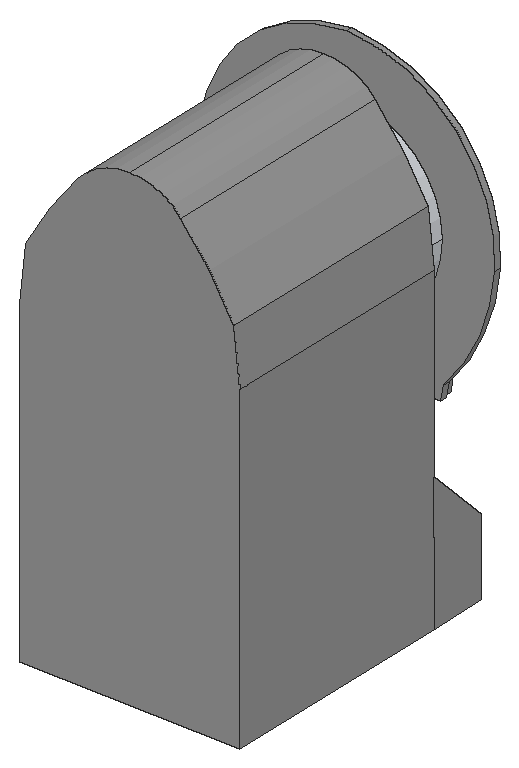
Revit family "Bariatric_Toilet-Willoughby-BETWS-1490-FM-FA-TS", category Plumbing Fixtures, Revit 2015
Parameters (values of type "Standard")
  Waste DIA = 2 3/8"
  Waste Connection = yes
  Vent Connection = no
  URL = "https://www.willoughby-ind.com/wp-content/uploads/2018/01/BETWS-1490-FM-FA.pdf"
  Type Comments = ""
  Revision = "A"
  Model = "BETWS-1490-FM-FA-TS"
  Manufacturer = "Willoughby Industries"
  HW Connection = no
  Flush Inlet DIA = 1 1/2"
  Flush Inlet Connection = yes
  Fixture Body = Stainless Steel AISI 304-Willoughby
  Description = "Front Access, Wall Outlet, Siphon Jet Bariatric Toilet, Top Spud"
  Default Elevation = 0' - 0"
  Contact = "(800) 428-4065"
  CW Connection = no
Reference planes (in)
  plane 1 "Center (Front/Back)Floor": y = 0
  plane 2: z = 0
  plane 3 "Center (Left/Right)": x = 0
  plane 4 "Toilet Base HGT": y = 15.75
  plane 5 "Top Of Unit": y = 19.625
  plane 6: x = 7.125
  plane 7: x = -7.125
  plane 8: z = 20.875
  plane 9: z = 31
  plane 10: z = 31.5
  plane 11: z = 24.75
  plane 12: z = 29.375
  plane 13: x = 2
  plane 14: x = -2
  plane 15: z = 9
  plane 16: z = 5
  plane 17: z = 21.5
  plane 18: z = 27.6875
  plane 19: z = 13.125
  plane 20: x = 9.625
  plane 21: x = -9.625
  plane 22 "Waste HGT": y = 6.25
Forms (in)
  Extrusion 1, solid, material "Stainless Steel AISI 304-Willoughby" <- "Fixture Body"
    sketch origin (0, 0, 0) x (1, 0, 0) y (0, 0, 1)
      loop
        line (7.125, 0) -> (7.125, 20.875)
        arc (7.125, 20.875) -> (7.03428, 22.67805) -> (6.76304, 24.46289) r 17.96324
        arc (6.76304, 24.46289) -> (5.19007, 27.08) -> (3.33041, 29.50181) r 26.87644
        arc (3.33041, 29.50181) -> (1.83129, 30.62012) -> (0, 31) r 4.32008
        arc (0, 31) -> (-1.83129, 30.62012) -> (-3.33041, 29.50181) r 4.32008
        arc (-3.33041, 29.50181) -> (-5.19007, 27.08) -> (-6.76304, 24.46289) r 26.87644
        arc (-6.76304, 24.46289) -> (-7.03428, 22.67805) -> (-7.125, 20.875) r 17.96324
        line (-7.125, 20.875) -> (-7.125, 0) -> (7.125, 0)
    from 0 to -15.75
  Extrusion 2, solid, material "Stainless Steel AISI 304-Willoughby" <- "Fixture Body"
    sketch origin (0, 0, 0) x (0, 1, 0) y (0, 0, 1)
      loop
        line (15.75, 8.875) -> (15.75, 0) -> (19.625, 0) -> (19.625, 5) -> (15.75, 8.875)
    from -7.125 to 7.125
  Extrusion 3, solid
    sketch origin (0, 15.75, 0) x (-1, 0, 0) y (0, 0, 1)
      loop
        circle (0, 21.5) r 6.1875
    from 0 to 1.875
  Extrusion 4, solid, material "Stainless Steel AISI 304-Willoughby" <- "Fixture Body"
    sketch origin (0, 15.75, 0) x (-1, 0, 0) y (0, 0, 1)
      loop
        line (-4.75, 12.125) -> (-4.75, 12.625) -> (4.75, 12.625) -> (4.75, 12.125) -> (6.125, 12.125) -> (6.30133, 13.125)
        arc (6.30133, 13.125) -> (8.61843, 16.71898) -> (9.625, 20.875) r 12.82342
        arc (9.625, 20.875) -> (7.07791, 28.23969) -> (0, 31.5) r 9.93325
        arc (0, 31.5) -> (-7.07791, 28.23969) -> (-9.625, 20.875) r 9.93325
        arc (-9.625, 20.875) -> (-8.61843, 16.71898) -> (-6.30133, 13.125) r 12.82342
        line (-6.30133, 13.125) -> (-6.125, 12.125) -> (-4.75, 12.125)
    from 1.875 to 2.25
  Blend 5, solid, material "Stainless Steel AISI 304-Willoughby" <- "Fixture Body"
    base sketch origin (0, 15.75, 0) x (-1, 0, 0) y (0, 0, 1)
      loop
        line (-4.60785, 12.15929) -> (-4.60785, 12.40929) -> (4.64215, 12.40929) -> (4.64215, 12.15929) -> (5.98395, 12.15929) -> (6.22068, 14.59691)
        arc (6.22068, 14.59691) -> (8.11105, 18.09183) -> (8.6336, 22.03074) r 10.97859
        arc (8.6336, 22.03074) -> (5.98369, 28.04088) -> (0, 30.75) r 9.19603
        arc (0, 30.75) -> (-5.98369, 28.04088) -> (-8.6336, 22.03074) r 9.19603
        arc (-8.6336, 22.03074) -> (-8.11105, 18.09183) -> (-6.22068, 14.59691) r 10.97859
        line (-6.22068, 14.59691) -> (-5.98395, 12.15929) -> (-4.60785, 12.15929)
    top sketch origin (0, 15.75, 0) x (-1, 0, 0) y (0, 0, 1)
      loop
        arc (6.22944, 13.99176) -> (8.35674, 17.14799) -> (9.12911, 20.875) r 9.85348
        arc (9.12911, 20.875) -> (6.86364, 28.01045) -> (0, 31) r 9.05259
        arc (0, 31) -> (-6.86364, 28.01045) -> (-9.12911, 20.875) r 9.05259
        arc (-9.12911, 20.875) -> (-8.34629, 17.12327) -> (-6.19132, 13.954) r 9.85348
        line (-6.19132, 13.954) -> (-6.01467, 12.135) -> (-4.5826, 12.135) -> (-4.5826, 12.385) -> (4.63006, 12.385) -> (4.63006, 12.125) -> (5.99156, 12.125) -> (6.22944, 13.99176)
    from 2.875 to 2.25
  Revolve 6, solid
    sketch origin (0, 6.25, 0) x (0, 0, -1) y (-1, 0, 0)
      loop
        line (0, 0) -> (0, 1.1875) -> (-2.25, 1.1875) -> (-2.25, 0) -> (0, 0)
      axis (-2.25, 0) -> (0, 0)
    angle from 0 to 360
  Extrusion 7, solid, material "Stainless Steel AISI 304-Willoughby" <- "Fixture Body"
    sketch origin (0, 19.625, 0) x (-1, 0, 0) y (0, 0, 1)
      loop
        circle (0, 2.5) r 0.75
    from 0 to 1.125
Lines and regions (in)
  symbolic lines
    curve 1: line (0, 15.75, 8.875) -> (0, 15.75, 31)
    curve 2: line (0, 15.75, 31) -> (0, 0, 31)
    curve 3: line (0, 0, 31) -> (0, 0, 0)
    curve 4: line (0, 0, 0) -> (0, 15.75, 0)
    curve 11: line (0, 18, 12.125) -> (0, 17.625, 12.125)
    curve 16: line (0, 15.75, 8.875) -> (0, 19.625, 5)
    curve 17: line (0, 19.625, 5) -> (0, 19.625, 0)
    curve 18: line (0, 19.625, 0) -> (0, 15.75, 0)
    curve 22: line (7.125, 19.625, -0.25) -> (7.125, 19.625, 14.12365)
    curve 23: arc (7.125, 19.625, 14.12365) -> (8.85852, 19.625, 17.32028) -> (9.625, 19.625, 20.875) r 12.82342
    curve 24: arc (9.625, 19.625, 20.875) -> (9.10381, 19.625, 24.81755) -> (7.07791, 19.625, 28.23969) r 9.93325
    curve 25: arc (7.07791, 19.625, 28.23969) -> (3.87202, 19.625, 30.5929) -> (0, 19.625, 31.5) r 9.93325
    curve 26: arc (0, 19.625, 31.5) -> (-3.87202, 19.625, 30.5929) -> (-7.07791, 19.625, 28.23969) r 9.93325
    curve 27: arc (-7.07791, 19.625, 28.23969) -> (-9.10381, 19.625, 24.81755) -> (-9.625, 19.625, 20.875) r 9.93325
    curve 28: arc (-9.625, 19.625, 20.875) -> (-8.85852, 19.625, 17.32028) -> (-7.125, 19.625, 14.12365) r 12.82342
    curve 29: line (-7.125, 19.625, 14.12365) -> (-7.125, 19.625, 0)
    curve 30: line (-7.125, 19.625, 0) -> (7.125, 19.625, 0)
    curve 57: line (7.125, 19.625, 0) -> (-7.125, 19.625, 0)
    curve 58: line (-7.125, 19.625, 0) -> (-7.125, 0, 0)
    curve 59: line (-7.125, 0, 0) -> (7.125, 0, 0)
    curve 60: line (7.125, 0, 0) -> (7.125, 19.625, 0)
    curve 61: line (-6.76304, 15.75, 0) -> (-6.76304, 0, 0)
    curve 62: line (-7.125, 15.75, 0) -> (7.125, 15.75, 0)
    curve 63: line (6.1875, 17.625, 0) -> (6.1875, 15.75, 0)
    curve 64: line (-6.17726, 15.75, 0) -> (-6.17726, 17.625, 0)
    curve 65: line (-6.17726, 17.625, 0) -> (6.1875, 17.625, 0)
    curve 75: line (6.76304, 15.75, 0) -> (6.76304, 0, 0)
  symbolic lines, detail levels medium+fine
    curve 5: line (0, 15.75, 15.375) -> (0, 17.625, 15.375)
    curve 6: line (0, 17.625, 15.375) -> (0, 17.625, 27.6875)
    curve 7: line (0, 17.625, 27.6875) -> (0, 15.75, 27.6875)
    curve 8: line (0, 17.625, 27.6875) -> (0, 17.625, 31.5)
    curve 9: line (0, 17.625, 31.5) -> (0, 18, 31.5)
    curve 10: line (0, 18, 31.5) -> (0, 18, 12.125)
    curve 12: line (0, 17.625, 12.125) -> (0, 17.625, 15.375)
    curve 13: line (0, 18, 12.125) -> (0, 18.625, 12.15929)
    curve 14: line (0, 18.625, 12.15929) -> (0, 18.625, 30.75)
    curve 15: line (0, 18.625, 30.75) -> (0, 18, 31)
    curve 31: line (-7.125, 19.625, 5) -> (7.125, 19.625, 5)
    curve 32: line (-7.125, 19.625, 8.875) -> (7.125, 19.625, 8.875)
    curve 33: line (-7.125, 19.625, 14.12365) -> (-6.30133, 19.625, 13.125)
    curve 34: line (-6.30133, 19.625, 13.125) -> (-6.125, 19.625, 12.125)
    curve 35: line (-6.125, 19.625, 12.125) -> (-4.75, 19.625, 12.125)
    curve 36: line (-4.75, 19.625, 12.125) -> (-4.75, 19.625, 12.625)
    curve 37: line (-4.75, 19.625, 12.625) -> (4.75, 19.625, 12.625)
    curve 38: line (4.75, 19.625, 12.625) -> (4.75, 19.625, 12.125)
    curve 39: line (4.75, 19.625, 12.125) -> (6.125, 19.625, 12.125)
    curve 40: line (6.125, 19.625, 12.125) -> (6.30133, 19.625, 13.125)
    curve 41: arc (6.30133, 19.625, 13.125) -> (6.72577, 19.625, 13.61393) -> (7.125, 19.625, 14.12365) r 12.82342
    curve 53: line (0, 17.625, 12.125) -> (0, 18, 12.125)
    curve 66: line (-6.17726, 17.625, 0) -> (-9.6494, 17.625, 0)
    curve 67: line (-9.6494, 17.625, 0) -> (-9.6494, 18, 0)
    curve 68: line (-9.6494, 18, 0) -> (-9.12911, 18, 0)
    curve 69: line (-9.12911, 18, 0) -> (-8.6336, 18.625, 0)
    curve 70: line (-8.6336, 18.625, 0) -> (8.64736, 18.625, 0)
    curve 71: line (8.64736, 18.625, 0) -> (9.14287, 18, 0)
    curve 72: line (9.14287, 18, 0) -> (9.6494, 18, 0)
    curve 73: line (9.6494, 18, 0) -> (9.6494, 17.625, 0)
    curve 74: line (6.1875, 17.625, 0) -> (9.6494, 17.625, 0)
  symbolic lines, detail levels fine
    curve 19: line (0, 19.625, 1.75) -> (0, 20.75, 1.75)
    curve 20: line (0, 20.75, 1.75) -> (0, 20.75, 3.25)
    curve 21: line (0, 20.75, 3.25) -> (0, 19.625, 3.25)
    curve 42: line (-6.22068, 19.625, 14.59691) -> (-5.98395, 19.625, 12.15929)
    curve 43: line (-5.98395, 19.625, 12.15929) -> (-4.64215, 19.625, 12.15929)
    curve 44: line (-4.64215, 19.625, 12.15929) -> (-4.64215, 19.625, 12.385)
    curve 45: line (-4.64215, 19.625, 12.385) -> (4.60785, 19.625, 12.385)
    curve 46: line (4.60785, 19.625, 12.385) -> (4.60785, 19.625, 12.15929)
    curve 47: line (4.60785, 19.625, 12.15929) -> (5.98395, 19.625, 12.15929)
    curve 48: line (5.98395, 19.625, 12.15929) -> (6.22068, 19.625, 14.59691)
    curve 49: arc (6.22068, 19.625, 14.59691) -> (7.91817, 19.625, 17.54689) -> (8.63061, 19.625, 20.875) r 10.97859
    curve 50: arc (8.63061, 19.625, 20.875) -> (6.37958, 19.625, 27.61664) -> (0, 19.625, 30.75) r 9.21317
    curve 51: arc (0, 19.625, 30.75) -> (-6.36999, 19.625, 27.60827) -> (-8.63061, 19.625, 20.875) r 9.24339
    curve 52: arc (-8.63061, 19.625, 20.875) -> (-7.89379, 19.625, 17.55625) -> (-6.22068, 19.625, 14.59691) r 11.52349
    curve 54: line (0.75, 19.625, 0) -> (0.75, 20.75, 0)
    curve 55: line (0.75, 20.75, 0) -> (-0.75, 20.75, 0)
    curve 56: line (-0.75, 20.75, 0) -> (-0.75, 19.625, 0)
Dimensions and locks (in)
  plane 9 to level = 2' - 7"
  plane 1 "Center (Front/Back)Floor" to plane 4 "Toilet Base HGT" = 1' - 3 3/4"
  plane 1 "Center (Front/Back)Floor" to plane 5 "Top Of Unit" = 1' - 7 5/8"
  plane 7 to plane 6 = 1' - 2 1/4"
  plane 10 to level = 2' - 7 1/2"
  plane 4 "Toilet Base HGT" to plane 1 "Center (Front/Back)Floor" = 1' - 3 3/4"
  level to plane 10 = 2' - 7 1/2"
  plane 6 to plane 7 = 1' - 2 1/4"
  aligned and locked: Extrusion 1 to plane 7
  aligned and locked: Extrusion 1 to level
  aligned and locked: Extrusion 2 to plane 4 "Toilet Base HGT"
  aligned and locked: plane 5 "Top Of Unit" to Extrusion 2
  aligned and locked: Extrusion 2 to level
  aligned and locked: Revolve 6 sketch curve to Revolve 6 sketch curve  (x2)
  aligned and locked: plane 6 to Extrusion 2
  aligned and locked: Extrusion 2 to plane 7
  aligned and locked: curve 62 to curve 75
  aligned and locked: curve 75 to Extrusion 1
Connectors (in)
  piping at (0, 6.25, 0), diameter 2.375, driven by "Waste DIA", driven by "Waste Connection"
    settings: on Revolve 6, index 1, connector inside diameter 24", connector length 0' - 0", flow factor 0, pipe flow 0 GPM, pressure drop 0.00 psi, fitting loss kfactor 0, connector angle 0.00°, fixture units 0, engagement length 0' - 0", angle of deflection 0.00°, flow configuration 0, flow direction 2, fitting loss method 0, system type 16, joint type 0, gender type 0, connector reference index -1, connector utility 1, adjustable connector no, is connector primary yes, connector description "Toilet Waste"
  piping at (0, 20.75, 2.5), diameter 1.5, driven by "Flush Inlet DIA", driven by "Flush Inlet Connection"
    settings: on Extrusion 7, index 2, connector inside diameter 24", connector length 0' - 0", flow factor 0, pipe flow 0 GPM, pressure drop 0.00 psi, fitting loss kfactor 0, connector angle 0.00°, fixture units 0, engagement length 0' - 0", angle of deflection 0.00°, flow configuration 0, flow direction 1, fitting loss method 0, system type 20, joint type 0, gender type 0, connector reference index -1, connector utility 1, adjustable connector no, is connector primary no, connector description "Flush Inlet"
